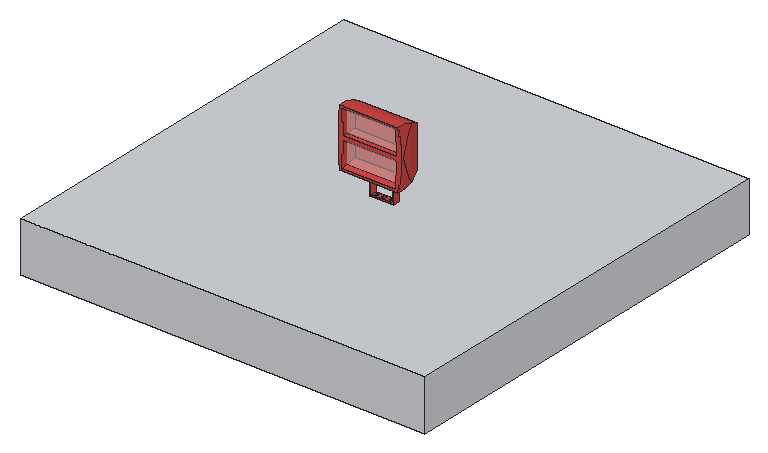
Revit family "FXL - Yoke", category Lighting Fixtures, host Face, Revit 2021
Family settings
  Host = Face
  Round Connector Dimension = Use Diameter
  Part Type = Normal
  OmniClass Number = 23.80.70.14.14
  OmniClass Title = Exterior Floodlights
  Cut with Voids When Loaded = No
  Light Source = No
  Shared = Yes
  Room Calculation Point = No
Parameters (values of type "FXL Yoke - RD")
  Voltage = 120 V
  URL = "https://www.currentlighting.com/exo"
  Total Input Wattage = 194 W
  Tilt Angle = 0.00°
  Stand = Red
  Product Page URL = ""
  Product Documentation Link = ""
  Pivot calc. = 89.00° + Pivot Angle + 1.00°  # 90.00°
  Pivot Angle = Tilt Angle  # 0.00°
  Photometric Web = Web ARF4 - Yoke : ARF4-X-84L3K-700-M-U
  Model = "FXL 84 LED Floodlight"  # constant formula
  Manufacturer = "EXO"  # constant formula
  Lens = White Glass
  Finish = Red
  Description = "Office buildings, monuments, facades, columns, flag poles, bridges, commercial, mixed retail, apartments, schools and campuse"  # constant formula
  Default Elevation = 48.000"
  Apparent Load = 0 VA
Reference planes (in)
  plane 1 "Center (Front/Back)": y = 0
  plane 2: z = -3.6
  plane 3 "Center (Left/Right)": x = 0
  plane 4: z = 2
  plane 5: z = 2
  plane 6: x = 2.75
  plane 7: y = -0.75
  plane 8: y = 0.75
  plane 9: x = -2.75
  plane 10: x = -2.5
  plane 11: x = 2.5
Forms (in)
  Extrusion 1, solid
    sketch origin (0, 0, -3.6) x (1, 0, 0) y (0, 1, 0)
      loop
        line (-48, 48) -> (-48, -48) -> (48, -48) -> (48, 48) -> (-48, 48)
    from 0 to -12
  Extrusion 2, solid, material "Red" <- "Stand"
    sketch origin (0, 0, 0) x (0, 1, 0) y (0, 0, 1)
      loop
        line (-0.75, -3.6) -> (0.75, -3.6) -> (0.75, 2)
        arc (0.75, 2) -> (0, 2.75) -> (-0.75, 2) r 0.75
        line (-0.75, 2) -> (-0.75, -3.6)
    from -2.75 to 2.75
  Extrusion 3, void
    sketch origin (0, 0, 0) x (0, 1, 0) y (0, 0, 1)
      loop
        arc (0.75, 2) -> (0, 2.75) -> (-0.75, 2) r 0.75
        line (-0.75, 2) -> (-0.75, -3.35) -> (0.75, -3.35) -> (0.75, 2)
    from -2.5 to 2.5
  Extrusion 4, void
    sketch origin (0, 0, -3.6) x (1, 0, 0) y (0, 1, 0)
      loop
        circle (0, 0) r 0.4375
      loop
        circle (1.5625, 0) r 0.26562
      loop
        circle (-1.5625, 0) r 0.26562
    from 0 to 0.25
Cuts and joins
  Extrusion 3, Extrusion 4 cuts Extrusion 2
Lines and regions (in)
  reference lines
    curve 1: line (0, -0.61307, 2) -> (0, -0.61307, 0.50316)
Dimensions and locks (in)
  locked: plane 4 to plane 2 at 5.6
  locked: plane 6 to plane 3 "Center (Left/Right)" at 2.75
  equal spacing: plane 7, plane 1 "Center (Front/Back)", plane 8
  locked: plane 1 "Center (Front/Back)" to plane 8 at 0.75
  plane 6 to plane 3 "Center (Left/Right)" = 2.750"
  equal spacing: plane 6, plane 3 "Center (Left/Right)", plane 9
  locked: plane 9 to plane 10 at 0.25
  equal spacing: plane 10, plane 3 "Center (Left/Right)", plane 11
  locked: Extrusion 3 sketch curve to level at 0.25
  locked: Extrusion 4 sketch curve to plane 1 "Center (Front/Back)" at 0
  Extrusion 4 sketch curve to Extrusion 4 sketch curve = 3.125"
  locked: plane 3 "Center (Left/Right)" to Extrusion 4 sketch curve at 1.5625
  locked: plane 1 "Center (Front/Back)" to Extrusion 4 sketch curve
  locked: Extrusion 4 sketch curve to nested 1
  locked: curve 1 to level at 5.6
  radius of Extrusion 4 sketch curve = 0.26562"
  locked: curve 1 to plane 5 (angle 90.00°)
  "Pivot calc.": angle plane 1 "Center (Front/Back)" to plane 5
  aligned and locked: plane 2 to Extrusion 1
  aligned and locked: level to Extrusion 1
  aligned and locked: curve 1 to plane 5
  aligned and locked: plane 3 "Center (Left/Right)" to nested 1
  aligned and locked: nested 1 to curve 1
  aligned and locked: nested 1 to plane 5
  aligned and locked: Extrusion 2 sketch curve to plane 7
  aligned and locked: level to Extrusion 2 sketch curve
  aligned and locked: Extrusion 2 sketch curve to plane 8
  aligned and locked: plane 4 to Extrusion 2 sketch curve  (x2)
  aligned and locked: plane 9 to Extrusion 2
  aligned and locked: Extrusion 2 to plane 6
  aligned and locked: Extrusion 3 sketch curve to Extrusion 2
  aligned and locked: Extrusion 2 to Extrusion 3 sketch curve
  aligned and locked: nested 1 to Extrusion 3
  aligned and locked: Extrusion 3 to nested 1
  aligned and locked: Extrusion 4 to level
  aligned and locked: Extrusion 4 to Extrusion 3
  aligned and locked: nested 2 to plane 3 "Center (Left/Right)"
  aligned and locked: nested 2 to nested 1
Automatic sketch dimensions
  Extrusion 1 sketch curve to Extrusion 1 sketch curve = 96.000"  (x2)
  plane 1 "Center (Front/Back)" to Extrusion 4 sketch curve = 0.000"
  radius of Extrusion 4 sketch curve = 0.4375"
  radius of Extrusion 4 sketch curve = 0.26562"
Nested families (in)
  nested 1: "ARF4 Architectural 84 LED Floodlight - Yoke" at (0, -0.61307, -3.6), Finish <- "Finish", Lens <- "Lens", type "ARF4 Architectural 84 LED Floodlight - Yoke"
    with Lens White Glass, Finish Red
  nested 2: "Web ARF4 - Yoke" at (-0.23896, -3.11307, 12.03999) x (-1, 0, 0) z (0, -1, 0), type <- "Photometric Web", type "ARF4-X-84L3K-700-M-U"
Connectors (in)
  electrical at (0, -0.61307, 2.47551), driven by "Description", driven by "Voltage"
    settings: on nested 1, index 1, voltage 120 V, apparent load 0 VA, apparent load phase1 0 VA, apparent load phase2 0 VA, apparent load phase3 0 VA, power factor 1, load classification "Other", number of poles 1, system type 30, power factor state 1, is connector primary yes, connector utility no, sub classification motor no, connector description "Office buildings, monuments, facades, columns, flag poles, bridges, commercial, mixed retail, apartments, schools and campuse"
Definition of nested family "ARF4 Architectural 84 LED Floodlight - Yoke"
  Parameters
    URL = "http://www.spauldinglighting.com/"
    Product Page URL = ""
    Product Documentation Link = ""
    Manufacturer Phone = "(864)-678-1000"  # constant formula
    Manufacturer Fax = "(866)-898-1065"  # constant formula
    Manufacturer = "Spaulding Lighting"  # constant formula
    Lens [instance] = none
    Finish [instance] = none
    Default Elevation = 48.000"
  Reference planes (in)
    plane 1 "Center (Front/Back)": y = 0
    plane 2: z = 0
    plane 3 "Center (Left/Right)": x = 0
    plane 4: z = 5.6
    plane 5: y = 2
    plane 6: y = -4
    plane 7: x = -7.45
    plane 8: x = 7.45
    plane 9: z = 19.6
    plane 10: x = -2.5
    plane 11: x = -6.95
    plane 12: x = 6.95
    plane 13: y = -2.5
    plane 14: y = -2.35
    plane 15: z = 12.6
    plane 16: y = 2.75
    plane 17: y = -4.75
    plane 18: z = 20.1
    plane 19: z = 5.1
    plane 20: x = -6.45
    plane 21: x = 6.45
    plane 22: z = 15.6
    plane 23: x = 2.5
    plane 24: x = -2.25
    plane 25: x = 2.25
  Forms (in)
    Extrusion 1, solid, material <- "Finish"
      sketch origin (0, 0, 0) x (0, 1, 0) y (0, 0, 1)
        loop
          arc (-4, 19.6) -> (-3.68063, 12.6) -> (-4, 5.6) r 76.87231
          arc (-4, 5.6) -> (-0.85167, 6.08727) -> (2, 7.50763) r 10.36587
          line (2, 7.50763) -> (2, 12.6) -> (2, 17.69237)
          arc (2, 17.69237) -> (-0.85167, 19.11273) -> (-4, 19.6) r 10.36587
      from -7.45 to 7.45
    Extrusion 2, void
      sketch origin (0, 0, 0) x (1, 0, 0) y (0, 0, 1)
        loop
          line (-6.89284, 20.1) -> (-8.45, 20.1) -> (-8.45, 5.1) -> (-6.89284, 5.1)
          arc (-6.89284, 5.1) -> (-7.33501, 12.6) -> (-6.89284, 20.1) r 63.82678
        loop
          arc (6.89335, 20.1) -> (7.33158, 12.6) -> (6.89335, 5.1) r 64.39699
          line (6.89335, 5.1) -> (8.45, 5.1) -> (8.45, 20.1) -> (6.89335, 20.1)
      from -2.75 to 4.75
    Extrusion 3, void
      sketch origin (0, 0, 0) x (1, 0, 0) y (0, 1, 0)
        loop
          arc (-7.36799, -4.75) -> (-7.15567, -0.954) -> (-6.29827, 2.75) r 22.18331
          line (-6.29827, 2.75) -> (-7.95, 2.75) -> (-7.95, -4.75) -> (-7.36799, -4.75)
        loop
          line (7.36799, -4.75) -> (7.95, -4.75) -> (7.95, 2.75) -> (6.29827, 2.75)
          arc (6.29827, 2.75) -> (7.15567, -0.954) -> (7.36799, -4.75) r 22.18331
      from 5.1 to 20.1
    Extrusion 4, void
      sketch origin (0, 0, 0) x (0, 1, 0) y (0, 0, 1)
        loop
          line (-4, 19.1) -> (-4, 12.98128) -> (0, 12.98128) -> (0, 18.32248)
          arc (0, 18.32248) -> (-1.97941, 18.81718) -> (-4, 19.1) r 19.28656
        loop
          arc (-4, 6.1) -> (-1.97941, 6.38282) -> (0, 6.87752) r 19.28656
          line (0, 6.87752) -> (0, 12.21872) -> (-4, 12.21872) -> (-4, 6.1)
      from -6.45 to 6.45
    Extrusion 5, solid, material <- "Lens"
      sketch origin (0, 0, 0) x (0, 1, 0) y (0, 0, 1)
        loop
          line (-2.5, 12.98128) -> (-2.35, 12.98128) -> (-2.35, 18.88546)
          arc (-2.35, 18.88546) -> (-2.42497, 18.89837) -> (-2.5, 18.91098) r 19.28656
          line (-2.5, 18.91098) -> (-2.5, 12.98128)
        loop
          line (-2.5, 12.21872) -> (-2.5, 6.28902)
          arc (-2.5, 6.28902) -> (-2.42497, 6.30163) -> (-2.35, 6.31454) r 19.28656
          line (-2.35, 6.31454) -> (-2.35, 12.21872) -> (-2.5, 12.21872)
      from -6.45 to 6.45
    Extrusion 6, solid, material <- "Finish"
      sketch origin (0, 0, 0) x (0, 1, 0) y (0, 0, 1)
        loop
          arc (-0.75, 5.6) -> (0, 4.85) -> (0.75, 5.6) r 0.75
          line (0.75, 5.6) -> (0.75, 6.85) -> (-0.75, 6.85) -> (-0.75, 5.6)
        loop
          circle (0, 5.6) r 0.25
      from -2.5 to 2.5
    Extrusion 7, void
      sketch origin (0, 0, 0) x (0, 1, 0) y (0, 0, 1)
        loop
          arc (-0.75, 5.6) -> (0, 4.85) -> (0.75, 5.6) r 0.75
          line (0.75, 5.6) -> (0.75, 6.07551) -> (-0.75, 6.07551) -> (-0.75, 5.6)
      from -2.25 to 2.25
  Cuts and joins
    Extrusion 2, Extrusion 3, Extrusion 4, Extrusion 7 cuts Extrusion 1
    Extrusion 4, Extrusion 7 cuts Extrusion 6
    joined: Extrusion 1, Extrusion 6
  Lines and regions (in)
    reference lines
      curve 1: line (0, 0, 5.6) -> (0, 2.31819, 4.94244)
      curve 2: line (0, -5, 15.6) -> (0, 3.72, 15.6)
  Dimensions and locks (in)
    locked: plane 6 to plane 5 at 6
    locked: plane 1 "Center (Front/Back)" to plane 5 at 2
    equal spacing: plane 8, plane 3 "Center (Left/Right)", plane 7
    locked: plane 8 to plane 7 at 14.9
    locked: plane 3 "Center (Left/Right)" to plane 10 at 2.5
    equal spacing: plane 12, plane 3 "Center (Left/Right)", plane 11
    locked: plane 11 to plane 7 at 0.5
    locked: plane 13 to plane 1 "Center (Front/Back)" at 2.5
    locked: plane 13 to plane 14 at 0.15
    plane 9 to plane 15 = 7.000"
    locked: plane 9 to level at 19.6
    locked: plane 9 to plane 4 at 14
    locked: Extrusion 1 sketch curve to plane 15 at 5.09237
    plane 7 to Extrusion 2 sketch curve = 1.000"
    locked: Extrusion 2 sketch curve to plane 8 at 1
    locked: plane 17 to plane 6 at 0.75
    locked: plane 5 to plane 16 at 0.75
    locked: plane 18 to plane 9 at 0.5
    locked: plane 4 to plane 19 at 0.5
    locked: Extrusion 3 sketch curve to plane 7 at 0.5
    locked: plane 8 to Extrusion 3 sketch curve at 0.5
    equal spacing: Extrusion 4 sketch curve, plane 15, Extrusion 4 sketch curve, locked at 0.38128 each
    locked: Extrusion 4 sketch curve to Extrusion 4 sketch curve at 11.44496
    equal spacing: plane 21, plane 3 "Center (Left/Right)", plane 20
    locked: plane 20 to plane 11 at 0.5
    locked: Extrusion 6 sketch curve to plane 4 at 1.25
    locked: plane 22 to plane 15 at 3
    equal spacing: plane 23, plane 3 "Center (Left/Right)", plane 10
    locked: Extrusion 7 sketch curve to plane 4 at 0.47551
    equal spacing: plane 25, plane 3 "Center (Left/Right)", plane 24
    locked: plane 24 to plane 10 at 0.25
    aligned and locked: plane 9 to Extrusion 1 sketch curve
    aligned and locked: plane 4 to Extrusion 1 sketch curve
    aligned and locked: plane 6 to Extrusion 1 sketch curve
    aligned and locked: plane 5 to Extrusion 1 sketch curve
    aligned and locked: Extrusion 1 to plane 7
    aligned and locked: plane 8 to Extrusion 1
    aligned and locked: Extrusion 2 to plane 17
    aligned and locked: Extrusion 2 sketch curve to plane 18
    aligned and locked: Extrusion 2 sketch curve to Extrusion 2 sketch curve  (x2)
    aligned and locked: Extrusion 2 sketch curve to plane 19
    aligned and locked: Extrusion 3 sketch curve to plane 17
    aligned and locked: plane 17 to Extrusion 3 sketch curve  (x3)
    aligned and locked: plane 16 to Extrusion 3 sketch curve  (x2)
    aligned and locked: Extrusion 3 to Extrusion 2  (x2)
    aligned and locked: Extrusion 4 sketch curve to plane 6
    aligned and locked: plane 6 to Extrusion 4 sketch curve  (x2)
    aligned and locked: plane 1 "Center (Front/Back)" to Extrusion 4 sketch curve
    aligned and locked: Extrusion 4 sketch curve to plane 1 "Center (Front/Back)"
    aligned and locked: Extrusion 4 to plane 20
    aligned and locked: plane 21 to Extrusion 4
    aligned and locked: plane 13 to Extrusion 5 sketch curve
    aligned and locked: Extrusion 5 sketch curve to plane 14
    aligned and locked: cut or joined group of Extrusion 1, Extrusion 2, Extrusion 3, Extrusion 4, Extrusion 6, Extrusion 7 to Extrusion 5 sketch curve
    aligned and locked: Extrusion 5 sketch curve to cut or joined group of Extrusion 1, Extrusion 2, Extrusion 3, Extrusion 4, Extrusion 6, Extrusion 7
    aligned and locked: cut or joined group of Extrusion 1, Extrusion 2, Extrusion 3, Extrusion 4, Extrusion 6, Extrusion 7 to Extrusion 5  (x2)
    aligned and locked: Extrusion 6 to plane 10
    aligned and locked: plane 22 to curve 2
    aligned and locked: Extrusion 6 to plane 23
    aligned and locked: Extrusion 7 sketch curve to cut or joined group of Extrusion 1, Extrusion 2, Extrusion 3, Extrusion 4, Extrusion 6, Extrusion 7
    aligned and locked: Extrusion 7 to plane 24
    aligned and locked: Extrusion 7 to plane 25
  Automatic sketch dimensions
    curve 1 to plane 1 "Center (Front/Back)" = 0.000"
    curve 1 to plane 4 = 0.000"
    curve 2 to plane 6 = 1.000"
    plane 5 to curve 1 = 0.31819"
    plane 5 to curve 2 = 1.720"
    curve 1 to plane 4 = 0.65756"
    Extrusion 1 sketch curve to plane 15 = 0.000"  (x2)
    Extrusion 1 sketch curve to plane 6 = 76.55294"
    plane 6 to Extrusion 1 sketch curve = 0.00755"  (x2)
    Extrusion 1 sketch curve to Extrusion 1 sketch curve = 5.09237"
    Extrusion 2 sketch curve to plane 15 = 0.000"  (x2)
    Extrusion 2 sketch curve to Extrusion 2 sketch curve = 48.61541"
    Extrusion 2 sketch curve to plane 12 = 0.05665"
    Extrusion 2 sketch curve to Extrusion 2 sketch curve = 48.04176"
    plane 11 to Extrusion 2 sketch curve = 0.05716"
    Extrusion 3 sketch curve to plane 6 = 0.08627"  (x2)
    Extrusion 3 sketch curve to Extrusion 3 sketch curve = 6.85539"
    plane 7 to Extrusion 3 sketch curve = 0.08201"
    plane 11 to Extrusion 3 sketch curve = 0.65173"
    Extrusion 3 sketch curve to plane 12 = 0.65173"
    Extrusion 4 sketch curve to plane 17 = 0.90946"  (x2)
    Extrusion 4 sketch curve to level = 0.11504"
    plane 4 to Extrusion 4 sketch curve = 0.500"
    Extrusion 4 sketch curve to Extrusion 4 sketch curve = 0.77752"
    Extrusion 4 sketch curve to plane 15 = 0.38128"
    Extrusion 5 sketch curve to plane 13 = 0.000"
    Extrusion 5 sketch curve to plane 14 = 0.000"
    Extrusion 5 sketch curve to plane 17 = 0.90946"
    plane 4 to Extrusion 5 sketch curve = 0.68902"
    Extrusion 5 sketch curve to Extrusion 5 sketch curve = 0.02552"
    Extrusion 5 sketch curve to plane 15 = 0.38128"
    Extrusion 6 sketch curve to Extrusion 6 sketch curve = 0.000"  (x2)
    Extrusion 6 sketch curve to plane 4 = 0.000"
    Extrusion 6 sketch curve to plane 1 "Center (Front/Back)" = 0.000"
    plane 1 "Center (Front/Back)" to Extrusion 6 sketch curve = 0.750"
    Extrusion 7 sketch curve to plane 4 = 0.000"
    Extrusion 7 sketch curve to plane 1 "Center (Front/Back)" = 0.000"
    radius of Extrusion 6 sketch curve = 0.250"
Definition of nested family "Web ARF4 - Yoke"
  Parameters
    Wattage Comments = ""
    Wattage = 32 W
    built-in parameter 1150110 = 1 (stored number, unit not read)
    URL = "http://www.spauldinglighting.com/"
    built-in parameter 1114217 = 1 (stored number, unit not read)
    Tilt Angle = -90.00°
    built-in parameter 1150109 = 1 (stored number, unit not read)
    built-in parameter 1150134 = 3
    built-in parameter 1150113 = 1 (stored number, unit not read)
    Product Page URL = ""
    Product Documentation Link = ""
    Photometric Web File = "ARF4-X-84L5K-070-N-U-XX.ies"
    Model = ""
    Manufacturer Phone = "(864)-678-1000"  # constant formula
    Manufacturer Fax = "(866)-898-1065"  # constant formula
    Manufacturer = "Spaulding Lighting"  # constant formula
    built-in parameter 1150105 = 206.9 (stored number, unit not read)
    Lumens = 2600 lm
    built-in parameter 1150115 = 1 (stored number, unit not read)
    built-in parameter 1150137 = (empty or 0)
    built-in parameter 1150139 = (empty or 0)
    built-in parameter 1150112 = 1 (stored number, unit not read)
    built-in parameter 1150114 = 1 (stored number, unit not read)
    Lamp = ""
    built-in parameter 1150132 = (empty or 0)
    built-in parameter 1150102 = (empty or 0)
    built-in parameter 1150107 = 3200 (stored number, unit not read)
    built-in parameter 1150138 = (empty or 0)
    built-in parameter 1150106 = 2.069 (stored number, unit not read)
    built-in parameter 1150104 = 7.5484 (stored number, unit not read)
    Dimming Lamp Color Temperature Shift = (empty or 0)
    Description = ""
    Default Elevation = 48.000"
    Color Filter = 16777215
    built-in parameter 1114218 = 1 (stored number, unit not read)
    built-in parameter 1150133 = 10 (stored number, unit not read)
  Reference planes (in)
    plane 1 "Center (Front/Back)": y = 0.03999
    plane 2: z = 0
    plane 3 "Center (Left/Right)": x = -0.23896
  Forms (in)
    Extrusion 1, solid
      sketch origin (0, 0, 0.06357) x (1, 0, 0) y (0, 1, 0)
        loop
          line (-48, 48) -> (-48, -48) -> (48, -48) -> (48, 48) -> (-48, 48)
      from -0.06357 to -17.74365
  Lines and regions (in)
    reference lines
      curve 1: line (-0.23896, 0.03999, 18.11448) -> (-0.23896, 0.03999, -22.88552)
      curve 2: line (-0.23896, 0.03999, 34) -> (-0.23896, 0.03999, -22.88552)
  Dimensions and locks (in)
    aligned and locked: plane 2 to Extrusion 1
    aligned and locked: level to Extrusion 1
    aligned and locked: curve 1 to plane 3 "Center (Left/Right)"
    aligned and locked: plane 1 "Center (Front/Back)" to curve 2
    aligned and locked: imposter light to plane 1 "Center (Front/Back)"
